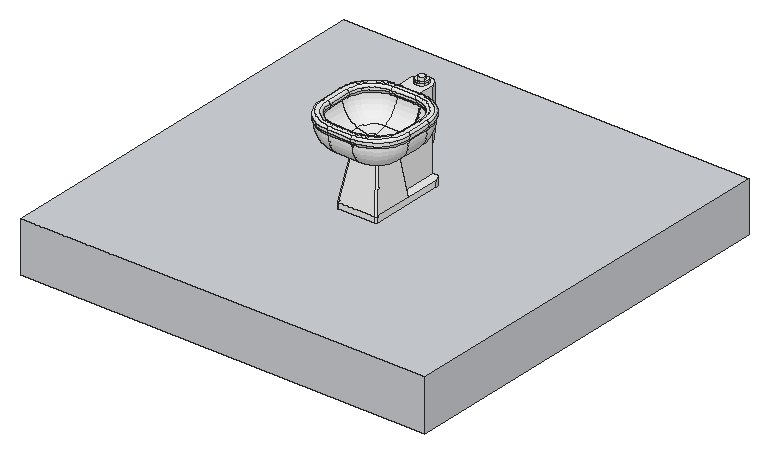
Revit family
Parameters (values of type "Vitreous China-0-White")
  Width = 1' - 9"
  Waste Connection = yes
  WFU = 0
  URL = "http://www.us.kohler.com"
  Spud = Chrome-Kohler-CP-Polished Chrome
  Sanitary Radius = 1 1/2"
  Sanitary Diameter = Sanitary Radius * 2  # 3"
  Sanitary Connector = "Sanitary Connection"  # constant formula
  Rough-In = 1' - 0"
  Product Page URL = "http://www.us.kohler.com/onlinecatalog/detail.jsp?prod_num=6676"
  Product Documentation Link = "http://www.us.kohler.com/onlinecatalog/pdf/105143_4.pdf"
  Model = "K-6676"  # constant formula
  Manufacturer = "Kohler"  # constant formula
  Length = 2' - 2 5/8"
  Height = 1' - 8"
  Finish = Vitreous China-Kohler-0-White
  Description = "Tyrell 21X20 Service Sink\r\n"  # constant formula
  Default Elevation = 0' - 0"
  Created By = "http://www.medialab3dstudio.com"
  Cold Water Radius = 3/4"
  Cold Water Diameter = Cold Water Radius * 2  # 1 1/2"
  Cold Water Connector = "Cold Water Connection"  # constant formula
  CWFU = 0
  CW Connection = yes
  Assembly Code = "D2010400"
Reference planes (in)
  plane 1 "Center (Front/Back)": y = 0
  plane 2 "Bottom": z = 0
  plane 3 "Center (Left/Right)": x = 0
  plane 4 "Left": x = -10.5
  plane 5 "Right": x = 10.5
  plane 6 "Front": y = -13.3125
  plane 7 "Toilet Offset": y = 13.3125
  plane 8 "Back": y = 13.8125
  plane 9 "Top": z = 20
  plane 10: y = -8.24031
  plane 11: x = -4.74185
  plane 12: x = 4.74219
  plane 13: y = 1.8125
  plane 14: z = 0.125
Forms (in)
  Extrusion 1, solid
    sketch origin (0, 0, 0) x (1, 0, 0) y (0, 1, 0)
      loop
        line (-48, 48) -> (-48, -48) -> (48, -48) -> (48, 48) -> (-48, 48)
    from 0 to -12
  Sweep 2, solid, material "Vitreous China-Kohler-0-White" <- "Finish", detail levels fine
    path origin (0, 0, 0) x (1, 0, 0) y (0, 1, 0)
      loop
        arc (-3.80166, -5.61416) -> (-3.50877, -6.32127) -> (-2.80166, -6.61416) r 1
        line (-2.80166, -6.61416) -> (2.80166, -6.61416)
        arc (2.80166, -6.61416) -> (3.50877, -6.32127) -> (3.80166, -5.61416) r 1
        line (3.80166, -5.61416) -> (3.80166, -0.01084)
        arc (3.80166, -0.01084) -> (3.50877, 0.69627) -> (2.80166, 0.98916) r 1
        line (2.80166, 0.98916) -> (-2.80166, 0.98916)
        arc (-2.80166, 0.98916) -> (-3.50877, 0.69627) -> (-3.80166, -0.01084) r 1
        line (-3.80166, -0.01084) -> (-3.80166, -5.61416)
    profile origin (-3.80166, -2.8125, 0) x (-1, 0, 0) y (0, 0, 1)
      loop
        arc (-0.55224, 11.26664) -> (-0.42029, 11.79041) -> (0.01615, 12.10862) r 0.79413
        arc (0.01615, 12.10862) -> (1.3395, 12.39016) -> (2.64012, 12.76285) r 19.48488
        arc (2.64012, 12.76285) -> (5.48302, 14.91185) -> (6.38733, 18.35895) r 5.44359
        line (6.38733, 18.35895) -> (6.26195, 18.35895)
        arc (6.26195, 18.35895) -> (5.38184, 14.9854) -> (2.60154, 12.88175) r 5.31859
        arc (2.60154, 12.88175) -> (1.30611, 12.51066) -> (-0.012, 12.23059) r 19.35988
        arc (-0.012, 12.23059) -> (-0.51837, 11.86843) -> (-0.67779, 11.26664) r 0.91913
        line (-0.67779, 11.26664) -> (-0.55224, 11.26664)
  Extrusion 3, solid, material "Vitreous China-Kohler-0-White" <- "Finish", detail levels fine
    sketch origin (0, 0, 0) x (1, 0, 0) y (0, 1, 0)
      loop
        arc (-2.74219, 11.30887) -> (-4.1564, 10.72309) -> (-4.74219, 9.30887) r 2
        line (-4.74219, 9.30887) -> (-4.74219, -7.74031)
        arc (-4.74219, -7.74031) -> (-4.59574, -8.09387) -> (-4.24219, -8.24031) r 0.5
        line (-4.24219, -8.24031) -> (4.24219, -8.24031)
        arc (4.24219, -8.24031) -> (4.59574, -8.09387) -> (4.74219, -7.74031) r 0.5
        line (4.74219, -7.74031) -> (4.74219, 9.30887)
        arc (4.74219, 9.30887) -> (4.1564, 10.72309) -> (2.74219, 11.30887) r 2
        line (2.74219, 11.30887) -> (-2.74219, 11.30887)
    from 0 to 1.29961
  Blend 4, solid, material "Vitreous China-Kohler-0-White" <- "Finish", detail levels fine
    base sketch origin (0, 0, 0) x (1, 0, 0) y (0, 1, 0)
      loop
        line (-3.24942, -0.01084) -> (-3.24942, -5.61416)
        arc (-3.24942, -5.61416) -> (-3.11827, -5.93077) -> (-2.80166, -6.06192) r 0.44776
        line (-2.80166, -6.06192) -> (2.80166, -6.06192)
        arc (2.80166, -6.06192) -> (3.11827, -5.93077) -> (3.24942, -5.61416) r 0.44776
        line (3.24942, -5.61416) -> (3.24942, -0.01084)
        arc (3.24942, -0.01084) -> (3.11827, 0.30577) -> (2.80166, 0.43692) r 0.44776
        line (2.80166, 0.43692) -> (-2.80166, 0.43692)
        arc (-2.80166, 0.43692) -> (-3.11827, 0.30577) -> (-3.24942, -0.01084) r 0.44776
    top sketch origin (0, 0, 0) x (1, 0, 0) y (0, 1, 0)
      loop
        line (4.74219, 0.98916) -> (-4.74219, 0.98916) -> (-4.74219, -7.74031)
        arc (-4.74219, -7.74031) -> (-4.59574, -8.09387) -> (-4.24219, -8.24031) r 0.5
        line (-4.24219, -8.24031) -> (4.24219, -8.24031)
        arc (4.24219, -8.24031) -> (4.59574, -8.09387) -> (4.74219, -7.74031) r 0.5
        line (4.74219, -7.74031) -> (4.74219, 0.98916)
    from 11.26664 to 1.29961
  Sweep 5, solid, material "Vitreous China-Kohler-0-White" <- "Finish", detail levels fine
    path origin (0, 0, 0) x (1, 0, 0) y (0, 1, 0)
      loop
        line (-10.18349, -0.01084) -> (-10.18349, -5.61416)
        arc (-10.18349, -5.61416) -> (-8.0214, -10.8339) -> (-2.80166, -12.99599) r 7.38183
        line (-2.80166, -12.99599) -> (2.80166, -12.99599)
        arc (2.80166, -12.99599) -> (8.0214, -10.8339) -> (10.18349, -5.61416) r 7.38183
        line (10.18349, -5.61416) -> (10.18349, -0.01084)
        arc (10.18349, -0.01084) -> (8.0214, 5.2089) -> (2.80166, 7.37099) r 7.38183
        line (2.80166, 7.37099) -> (-2.80166, 7.37099)
        arc (-2.80166, 7.37099) -> (-8.0214, 5.2089) -> (-10.18349, -0.01084) r 7.38183
    profile origin (-10.18349, -2.8125, 0) x (1, 0, 0) y (0, 0, 1)
      loop
        arc (-0.31651, 18.75023) -> (-0.22748, 18.49859) -> (0, 18.35895) r 0.40011
        line (0, 18.35895) -> (1.15389, 18.35895)
        arc (1.15389, 18.35895) -> (1.50744, 18.5054) -> (1.65389, 18.85895) r 0.5
        line (1.65389, 18.85895) -> (1.65389, 19.50342)
        arc (1.65389, 19.50342) -> (1.50744, 19.85697) -> (1.15389, 20.00342) r 0.5
        line (1.15389, 20.00342) -> (0.15389, 20.00342)
        arc (0.15389, 20.00342) -> (-0.17874, 19.86564) -> (-0.31651, 19.53301) r 0.4704
        line (-0.31651, 19.53301) -> (-0.31651, 18.75023)
  Extrusion 6, solid, material "Vitreous China-Kohler-0-White" <- "Finish", detail levels fine
    sketch origin (0, 0, 0) x (0, 1, 0) y (0, 0, 1)
      loop
        line (13.3125, 20) -> (7.24741, 20)
        arc (7.24741, 20) -> (7.56099, 19.85156) -> (7.68719, 19.5284) r 0.4698
        line (7.68719, 19.5284) -> (7.68719, 18.74786)
        arc (7.68719, 18.74786) -> (7.60304, 18.49431) -> (7.37253, 18.35928) r 0.37895
        arc (7.37253, 18.35928) -> (6.54209, 15.03488) -> (3.91392, 12.83622) r 5.53545
        arc (3.91392, 12.83622) -> (2.47196, 12.42291) -> (1.00473, 12.11091) r 21.54888
        arc (1.00473, 12.11091) -> (0.57832, 11.7848) -> (0.43589, 11.26724) r 0.84138
        line (0.43589, 11.26724) -> (0.98916, 1.29961) -> (10.87824, 1.29961) -> (10.87824, 6.54096)
        arc (10.87824, 6.54096) -> (11.30586, 7.89722) -> (12.06995, 9.09659) r 5.44749
        arc (12.06995, 9.09659) -> (12.9922, 10.69399) -> (13.3125, 12.51048) r 5.31106
        line (13.3125, 12.51048) -> (13.3125, 20)
    from -2.48986 to 2.5
  Extrusion 7, void
    sketch origin (0, 0, 0) x (1, 0, 0) y (0, 1, 0)
      loop
        arc (-2.48986, 11.30887) -> (0.00507, 13.3125) -> (2.5, 11.30887) r 2.55517
        line (2.5, 11.30887) -> (2.5, 13.8125) -> (-2.48986, 13.8125) -> (-2.48986, 11.30887)
    from 6.65745 to 21.9716
  Extrusion 8, solid, material "Chrome-Kohler-CP-Polished Chrome" <- "Spud", detail levels fine
    sketch origin (0, 0.18426, 0) x (1, 0, 0) y (0, 1, 0)
      loop
        circle (0.00507, 10.87824) r 1.5
    from 20 to 20.32763
  Extrusion 9, solid, material "Chrome-Kohler-CP-Polished Chrome" <- "Spud", detail levels fine
    sketch origin (0, 0.18426, 0) x (1, 0, 0) y (0, 1, 0)
      loop
        circle (0.00507, 10.87824) r 0.75
    from 20.65185 to 21.2456
  Extrusion 10, solid, material "Chrome-Kohler-CP-Polished Chrome" <- "Spud", detail levels fine
    sketch origin (0, 0.18426, 0) x (1, 0, 0) y (0, 1, 0)
      loop
        line (-1.24493, 11.50324) -> (-1.24493, 10.25324) -> (-0.61993, 9.62824) -> (0.63007, 9.62824) -> (1.25507, 10.25324) -> (1.25507, 11.50324) -> (0.63007, 12.12824) -> (-0.61993, 12.12824) -> (-1.24493, 11.50324)
    from 20.32763 to 20.65185
  Extrusion 11, void
    sketch origin (0, 0, 0) x (1, 0, 0) y (0, 1, 0)
      loop
        circle (0, 1.8125) r 1.5
    from 0 to 0.125
  Extrusion 12, solid, material "Vitreous China-Kohler-0-White" <- "Finish", detail levels coarse+medium
    sketch origin (0, 0, 0) x (1, 0, 0) y (0, 1, 0)
      loop
        line (-10.5, 13.3125) -> (-10.5, -13.3125) -> (10.5, -13.3125) -> (10.5, 13.3125) -> (-10.5, 13.3125)
    from 0 to 20
Cuts and joins
  Extrusion 11 cuts Extrusion 3
  joined: Sweep 2, Extrusion 3, Blend 4, Sweep 5
  Extrusion 7 cuts Extrusion 6
Lines and regions (in)
  Masking region 1, detail levels coarse
    outline origin (0, 0, 0) x (1, 0, 0) y (0, 1, 0)
      loop
        line (-10.5, 13.3125) -> (-10.5, -13.3125) -> (10.5, -13.3125) -> (10.5, 13.3125) -> (-10.5, 13.3125)
  Masking region 2, detail levels medium+fine
    outline origin (0, 0, 0) x (1, 0, 0) y (0, 1, 0)
      loop
        arc (-2.74219, 11.30887) -> (-4.1564, 10.72309) -> (-4.74219, 9.30887) r 2
        line (-4.74219, 9.30887) -> (-4.74219, 7.11698)
        spline (-4.74219, 7.11698) -> (-5.50206, 6.86514) -> (-6.23023, 6.53256) -> (-6.91813, 6.12314) -> (-7.5577, 5.64169) -> (-8.14141, 5.09386) -> (-8.66242, 4.48609) -> (-9.11462, 3.82552) -> (-9.49268, 3.11989) -> (-9.79217, 2.37751) -> (-10.00957, 1.60707) -> (-10.14233, 0.81763) -> (-10.1889, 0.01847)
        line (-10.1889, 0.01847) -> (-10.1889, -5.64347)
        spline (-10.1889, -5.64347) -> (-10.12251, -6.6026) -> (-9.93212, -7.54498) -> (-9.62096, -8.45466) -> (-9.1943, -9.31622) -> (-8.65936, -10.11508) -> (-8.02521, -10.83771) -> (-7.30258, -11.47186) -> (-6.50372, -12.0068) -> (-5.64216, -12.43346) -> (-4.73248, -12.74462) -> (-3.7901, -12.93501) -> (-2.83097, -13.0014)
        line (-2.83097, -13.0014) -> (2.83097, -13.0014)
        spline (2.83097, -13.0014) -> (3.7901, -12.93501) -> (4.73248, -12.74462) -> (5.64216, -12.43346) -> (6.50372, -12.0068) -> (7.30258, -11.47186) -> (8.02521, -10.83771) -> (8.65936, -10.11508) -> (9.1943, -9.31622) -> (9.62096, -8.45466) -> (9.93212, -7.54498) -> (10.12251, -6.6026) -> (10.1889, -5.64347)
        line (10.1889, -5.64347) -> (10.1889, 0.01847)
        spline (10.1889, 0.01847) -> (10.14233, 0.81764) -> (10.00957, 1.60707) -> (9.79217, 2.37751) -> (9.49268, 3.11989) -> (9.11461, 3.82552) -> (8.66242, 4.48609) -> (8.14141, 5.09386) -> (7.5577, 5.64169) -> (6.91813, 6.12314) -> (6.23023, 6.53256) -> (5.50206, 6.86514) -> (4.74219, 7.11698)
        line (4.74219, 7.11698) -> (4.74219, 9.30887)
        arc (4.74219, 9.30887) -> (4.1564, 10.72309) -> (2.74219, 11.30887) r 2
        line (2.74219, 11.30887) -> (2.5, 11.30887)
        arc (2.5, 11.30887) -> (0.00507, 13.3125) -> (-2.48986, 11.30887) r 2.55517
        line (-2.48986, 11.30887) -> (-2.74219, 11.30887)
  Masking region 3, detail levels fine
    outline origin (0, 0, 0) x (1, 0, 0) y (0, 1, 0)
      loop
        line (-3.78966, -0.01084) -> (-3.78966, -5.61416)
        arc (-3.78966, -5.61416) -> (-3.50028, -6.31278) -> (-2.80166, -6.60216) r 0.988
        line (-2.80166, -6.60216) -> (2.80166, -6.60216)
        arc (2.80166, -6.60216) -> (3.50028, -6.31278) -> (3.78966, -5.61416) r 0.988
        line (3.78966, -5.61416) -> (3.78966, -0.01084)
        arc (3.78966, -0.01084) -> (3.50028, 0.68778) -> (2.80166, 0.97716) r 0.988
        line (2.80166, 0.97716) -> (-2.80166, 0.97716)
        arc (-2.80166, 0.97716) -> (-3.50028, 0.68778) -> (-3.78966, -0.01084) r 0.988
      loop
        line (-3.12387, -0.01084) -> (-3.12387, -5.61416)
        arc (-3.12387, -5.61416) -> (-3.0295, -5.842) -> (-2.80166, -5.93637) r 0.32221
        line (-2.80166, -5.93637) -> (2.80166, -5.93637)
        arc (2.80166, -5.93637) -> (3.0295, -5.842) -> (3.12387, -5.61416) r 0.32221
        line (3.12387, -5.61416) -> (3.12387, -0.01084)
        arc (3.12387, -0.01084) -> (3.0295, 0.217) -> (2.80166, 0.31137) r 0.32221
        line (2.80166, 0.31137) -> (-2.80166, 0.31137)
        arc (-2.80166, 0.31137) -> (-3.0295, 0.217) -> (-3.12387, -0.01084) r 0.32221
  Masking region 4, detail levels fine
    outline origin (0, 0, 0) x (1, 0, 0) y (0, 1, 0)
      loop
        arc (-2.83059, 5.71509) -> (-6.87177, 4.04118) -> (-8.54568, 0) r 5.71509
        line (-8.54568, 0) -> (-8.54568, -6.20775)
        arc (-8.54568, -6.20775) -> (-6.69999, -9.85751) -> (-2.88323, -11.32706) r 5.69127
        line (-2.88323, -11.32706) -> (2.88323, -11.32706)
        arc (2.88323, -11.32706) -> (6.69999, -9.85751) -> (8.54568, -6.20775) r 5.69127
        line (8.54568, -6.20775) -> (8.54568, 0)
        arc (8.54568, 0) -> (6.87177, 4.04118) -> (2.83059, 5.71509) r 5.71509
        line (2.83059, 5.71509) -> (-2.83059, 5.71509)
  Masking region 5, detail levels coarse
    outline origin (0, 0, 0) x (0, 1, 0) y (0, 0, 1)
      loop
        line (13.3125, 20) -> (-13.3125, 20) -> (-13.3125, 0) -> (13.3125, 0) -> (13.3125, 20)
  Masking region 6, detail levels medium+fine
    outline origin (0, 0, 0) x (0, 1, 0) y (0, 0, 1)
      loop
        line (10.87824, 1.29961) -> (10.87824, 6.54096)
        arc (10.87824, 6.54096) -> (11.30586, 7.89722) -> (12.06995, 9.09659) r 5.44749
        arc (12.06995, 9.09659) -> (12.9922, 10.69399) -> (13.3125, 12.51048) r 5.31106
        line (13.3125, 12.51048) -> (13.3125, 20) -> (12.5625, 20) -> (12.5625, 20.32763) -> (12.3125, 20.32763) -> (12.3125, 20.65185) -> (11.8125, 20.65185) -> (11.8125, 21.2456) -> (10.3125, 21.2456) -> (10.3125, 20.65185) -> (9.8125, 20.65185) -> (9.8125, 20.32763) -> (9.5625, 20.32763) -> (9.5625, 20) -> (-12.90562, 20)
        arc (-12.90562, 20) -> (-13.19333, 19.88083) -> (-13.3125, 19.59312) r 0.40688
        line (-13.3125, 19.59312) -> (-13.3125, 18.67125)
        arc (-13.3125, 18.67125) -> (-13.22138, 18.45127) -> (-13.0014, 18.36015) r 0.3111
        arc (-13.0014, 18.36015) -> (-12.23197, 15.11066) -> (-9.70161, 12.93157) r 5.41126
        arc (-9.70161, 12.93157) -> (-8.18527, 12.44805) -> (-6.63031, 12.10862) r 16.97941
        arc (-6.63031, 12.10862) -> (-6.16589, 11.80929) -> (-6.06192, 11.26664) r 0.70198
        line (-6.06192, 11.26664) -> (-8.24031, 1.29961) -> (-8.24031, 0) -> (11.30887, 0) -> (11.30887, 1.29961) -> (10.87824, 1.29961)
  Masking region 7, detail levels coarse
    outline origin (0, 0, 0) x (1, 0, 0) y (0, 0, 1)
      loop
        line (-10.5, 20) -> (-10.5, 0) -> (10.5, 0) -> (10.5, 20) -> (-10.5, 20)
  Masking region 8, detail levels medium+fine
    outline origin (0, 0, 0) x (1, 0, 0) y (0, 0, 1)
      loop
        line (0.74493, 21.2456) -> (-0.74493, 21.2456) -> (-0.74493, 20.65185) -> (-1.24493, 20.65185) -> (-1.24493, 20.32763) -> (-1.49493, 20.32763) -> (-1.49493, 20) -> (-10.08062, 20)
        arc (-10.08062, 20) -> (-10.37717, 19.87717) -> (-10.5, 19.58062) r 0.41938
        line (-10.5, 19.58062) -> (-10.5, 18.70773)
        arc (-10.5, 18.70773) -> (-10.41094, 18.47407) -> (-10.18896, 18.35895) r 0.35107
        arc (-10.18896, 18.35895) -> (-9.28421, 14.89823) -> (-6.41441, 12.76295) r 5.39817
        arc (-6.41441, 12.76295) -> (-5.12513, 12.39999) -> (-3.81781, 12.10862) r 24.29945
        arc (-3.81781, 12.10862) -> (-3.35926, 11.80533) -> (-3.24942, 11.26664) r 0.71842
        line (-3.24942, 11.26664) -> (-4.74219, 1.29961) -> (-4.74219, 0) -> (4.74219, 0) -> (4.74219, 1.29961) -> (3.24942, 11.26664)
        arc (3.24942, 11.26664) -> (3.35926, 11.80533) -> (3.81781, 12.10862) r 0.71842
        arc (3.81781, 12.10862) -> (5.12513, 12.39999) -> (6.41441, 12.76295) r 24.29945
        arc (6.41441, 12.76295) -> (9.28421, 14.89823) -> (10.18896, 18.35895) r 5.39817
        arc (10.18896, 18.35895) -> (10.41094, 18.47407) -> (10.5, 18.70773) r 0.35107
        line (10.5, 18.70773) -> (10.5, 19.58062)
        arc (10.5, 19.58062) -> (10.37717, 19.87717) -> (10.08062, 20) r 0.41938
        line (10.08062, 20) -> (1.49493, 20) -> (1.49493, 20.32763) -> (1.24493, 20.32763) -> (1.24493, 20.65185) -> (0.74493, 20.65185) -> (0.74493, 21.2456)
  Masking region 9, detail levels fine
    outline origin (0, 0, 0) x (1, 0, 0) y (0, 1, 0)
      loop
        circle (0.00507, 11.0625) r 0.75
      loop
        line (-0.61993, 12.3125) -> (-1.24493, 11.6875) -> (-1.24493, 10.4375) -> (-0.61993, 9.8125) -> (0.63007, 9.8125) -> (1.25507, 10.4375) -> (1.25507, 11.6875) -> (0.63007, 12.3125) -> (-0.61993, 12.3125)
      loop
        circle (0.00507, 11.0625) r 1.5
  symbolic lines, style "Masking Lines", detail levels fine
    curve 1: line (-2.48986, 7.37253, 0) -> (-2.48986, 11.30887, 0)
    curve 2: line (2.5, 11.30887, 0) -> (2.5, 7.37253, 0)
    curve 3: line (3.04231, 7.37253, 0) -> (-3.04231, 7.37253, 0)
    curve 4: spline (-4.74219, 7.11698, 0) -> (-4.6033, 7.15335, 0) -> (-4.46373, 7.18701, 0) -> (-4.32353, 7.21796, 0) -> (-4.18276, 7.24617, 0) -> (-4.04147, 7.27165, 0) -> (-3.89971, 7.29437, 0) -> (-3.75753, 7.31433, 0) -> (-3.61499, 7.33153, 0) -> (-3.47215, 7.34595, 0) -> (-3.32905, 7.35759, 0) -> (-3.18575, 7.36646, 0) -> (-3.04231, 7.37253, 0)
    curve 5: spline (3.04231, 7.37253, 0) -> (3.18575, 7.36646, 0) -> (3.32905, 7.35759, 0) -> (3.47215, 7.34595, 0) -> (3.61499, 7.33153, 0) -> (3.75753, 7.31433, 0) -> (3.89971, 7.29437, 0) -> (4.04147, 7.27165, 0) -> (4.18276, 7.24617, 0) -> (4.32353, 7.21796, 0) -> (4.46373, 7.18701, 0) -> (4.6033, 7.15335, 0) -> (4.74219, 7.11698, 0)
    curve 6: line (0, 10.87824, 1.29961) -> (0, -8.24031, 1.29961)
    curve 7: line (0, 0.98916, 1.29961) -> (0, 0.43692, 11.26664)
    curve 8: arc (0, 0.43692, 11.26664) -> (0, 0.58411, 11.79007) -> (0, 1.02098, 12.11378) r 0.84026
    curve 9: arc (0, 3.91392, 12.83622) -> (0, 2.47996, 12.4249) -> (0, 1.02098, 12.11378) r 21.54888
    curve 10: arc (0, 7.37253, 18.35928) -> (0, 6.54209, 15.03488) -> (0, 3.91392, 12.83622) r 5.53545
    curve 11: arc (0, 7.68719, 18.74786) -> (0, 7.60304, 18.49431) -> (0, 7.37253, 18.35928) r 0.37895
    curve 12: line (0, 7.68719, 19.5284) -> (0, 7.68719, 18.74786)
    curve 13: arc (0, 7.24741, 20) -> (0, 7.56099, 19.85156) -> (0, 7.68719, 19.5284) r 0.4698
    curve 14: line (0, 12.5625, 20) -> (0, 9.5625, 20)
    curve 15: line (0, 12.3125, 20.32763) -> (0, 9.8125, 20.32763)
    curve 16: line (0, 11.8125, 20.65185) -> (0, 10.3125, 20.65185)
    curve 17: line (0, 11.6875, 20.65185) -> (0, 11.6875, 20.32763)
    curve 18: line (0, 10.4375, 20.65185) -> (0, 10.4375, 20.32763)
    curve 19: line (0, -13.0014, 18.36015) -> (0, 7.37253, 18.35928)
    curve 20: line (-10.18896, -13.3125, 18.35895) -> (10.18349, -13.3125, 18.35895)
    curve 21: line (-1.49493, 0, 20) -> (1.50507, 0, 20)
    curve 22: line (-1.24493, 0, 20.32763) -> (1.24493, 0, 20.32763)
    curve 23: line (-0.74493, 0, 20.65185) -> (0.75507, 0, 20.65185)
    curve 24: line (-0.61993, 0, 20.65185) -> (-0.61993, 0, 20.32763)
    curve 25: line (0.63007, 0, 20.65185) -> (0.63007, 0, 20.32763)
    curve 26: line (-3.81781, -13.3125, 12.10862) -> (3.81781, -13.3125, 12.10862)
    curve 27: line (-4.74219, 0, 1.29961) -> (4.74219, 0, 1.29961)
    curve 28: line (-2.48986, 13.8125, 1.29961) -> (-2.48986, 13.8125, 20)
    curve 29: line (2.5, 13.8125, 1.29961) -> (2.5, 13.8125, 20)
    curve 30: line (-10.18896, 13.8125, 18.35895) -> (-2.48986, 13.8125, 18.35895)
    curve 31: line (-3.81781, 13.8125, 12.10862) -> (-2.48986, 13.8125, 12.10862)
    curve 32: line (2.5, 13.8125, 18.35928) -> (10.18543, 13.8125, 18.35928)
    curve 33: line (0, 1.02098, 12.11378) -> (0, -6.65937, 12.11378)
    curve 34: line (-2.5, 13.8125, 18.35928) -> (-10.18543, 13.8125, 18.35928)
    curve 35: line (3.81781, 13.8125, 12.10862) -> (2.48986, 13.8125, 12.10862)
Dimensions and locks (in)
  equal spacing: plane 6 "Front", plane 1 "Center (Front/Back)", plane 7 "Toilet Offset"
  "Length": plane 6 "Front" to plane 7 "Toilet Offset"
  locked: plane 7 "Toilet Offset" to plane 8 "Back" at 0.5
  equal spacing: plane 4 "Left", plane 3 "Center (Left/Right)", plane 5 "Right"
  "Width": plane 4 "Left" to plane 5 "Right"
  "Height": plane 9 "Top" to plane 2 "Bottom"
  "Rough-In": plane 13 to plane 8 "Back"
  locked: plane 2 "Bottom" to plane 14 at 0.125
  "Cold Water Radius": radius of Extrusion 9 sketch curve
  "Sanitary Radius": radius of Extrusion 11 sketch curve
  aligned and locked: plane 2 "Bottom" to Extrusion 1
  aligned and locked: level to Extrusion 1
  aligned and locked: cut or joined group of Sweep 2, Extrusion 3, Blend 4, Sweep 5, Extrusion 11 to Sweep 2
  aligned: Sweep 5 to cut or joined group of Sweep 2, Extrusion 3, Blend 4, Sweep 5, Extrusion 11
  aligned and locked: Extrusion 11 to plane 14
Automatic sketch dimensions
  Extrusion 1 sketch curve to Extrusion 1 sketch curve = 8' - 0"  (x2)
  plane 10 to Extrusion 3 sketch curve = 0' - 0"
  Extrusion 3 sketch curve to plane 12 = 0' - 0"
  plane 11 to Extrusion 3 sketch curve = 0' - 0.49966"
  Extrusion 3 sketch curve to plane 12 = 0' - 0 1/2"
  Extrusion 3 sketch curve to plane 11 = 0' - 0.00034"
  plane 11 to Extrusion 3 sketch curve = 0' - 1.99966"
  Extrusion 3 sketch curve to Extrusion 3 sketch curve = 0' - 2"
  plane 10 to Blend 4 sketch curve = 0' - 0"
  Blend 4 sketch curve to plane 12 = 0' - 0"
  Blend 4 sketch curve to plane 12 = 0' - 0 1/2"
  plane 11 to Blend 4 sketch curve = 0' - 0.49966"
  Blend 4 sketch curve to plane 11 = 0' - 0.00034"
  Blend 4 sketch curve to plane 1 "Center (Front/Back)" = 0' - 0.98916"
  plane 11 to Sweep 2 sketch curve = 0' - 0.94019"
  Sweep 2 sketch curve to Sweep 2 sketch curve = 0' - 1"  (x2)
  plane 1 "Center (Front/Back)" to Sweep 2 sketch curve = 0' - 0.01084"
  Sweep 2 sketch curve to plane 12 = 0' - 1.94053"  (x2)
  Sweep 2 sketch curve to plane 12 = 0' - 0.94053"
  Sweep 2 sketch curve to plane 10 = 0' - 2.62615"
  plane 11 to Blend 4 sketch curve = 0' - 1.49243"
  Blend 4 sketch curve to plane 1 "Center (Front/Back)" = 0' - 0.43692"
  Blend 4 sketch curve to Blend 4 sketch curve = 0' - 0.44776"  (x3)
  Blend 4 sketch curve to plane 12 = 0' - 1.94053"
  plane 1 "Center (Front/Back)" to Blend 4 sketch curve = 0' - 0.01084"
  Blend 4 sketch curve to plane 10 = 0' - 2.62615"
  plane 4 "Left" to Sweep 5 sketch curve = 0' - 0.31651"
  plane 11 to Sweep 5 sketch curve = 0' - 1.94019"  (x2)
  Sweep 5 sketch curve to plane 10 = 0' - 2.62615"
  plane 1 "Center (Front/Back)" to Sweep 5 sketch curve = 0' - 0.01084"  (x2)
  Sweep 5 sketch curve to plane 12 = 0' - 1.94053"  (x2)
  plane 8 "Back" to Extrusion 7 sketch curve = 0' - 0"
  plane 11 to Extrusion 7 sketch curve = 0' - 2.25199"
  plane 3 "Center (Left/Right)" to Extrusion 7 sketch curve = 0' - 0.00507"
  plane 3 "Center (Left/Right)" to Extrusion 8 sketch curve = 0' - 0.00507"
  plane 3 "Center (Left/Right)" to Extrusion 9 sketch curve = 0' - 0.00507"
  Extrusion 10 sketch curve to plane 3 "Center (Left/Right)" = 0' - 1.24493"
  Extrusion 10 sketch curve to plane 3 "Center (Left/Right)" = 0' - 0.61993"  (x2)
  plane 3 "Center (Left/Right)" to Extrusion 10 sketch curve = 0' - 0.63007"  (x2)
  Extrusion 10 sketch curve to Extrusion 10 sketch curve = 0' - 0 5/8"  (x4)
  plane 7 "Toilet Offset" to Extrusion 3 sketch curve = 0' - 4.00363"
  plane 7 "Toilet Offset" to Extrusion 7 sketch curve = 0' - 2.00363"
  plane 3 "Center (Left/Right)" to Extrusion 7 sketch curve = 0' - 2 1/2"
  Extrusion 7 sketch curve to Extrusion 7 sketch curve = 0' - 0.55154"
  plane 7 "Toilet Offset" to Extrusion 8 sketch curve = 0' - 2 1/4"
  plane 7 "Toilet Offset" to Extrusion 9 sketch curve = 0' - 2 1/4"
  plane 7 "Toilet Offset" to Extrusion 10 sketch curve = 0' - 3 1/2"
  Extrusion 10 sketch curve to Extrusion 10 sketch curve = 0' - 1 1/4"  (x2)
  Extrusion 11 sketch curve to plane 3 "Center (Left/Right)" = 0' - 0"
  plane 13 to Extrusion 11 sketch curve = 0' - 0"
  Masking region 1 sketch curve to plane 4 "Left" = 0' - 0"
  plane 5 "Right" to Masking region 1 sketch curve = 0' - 0"
  Masking region 1 sketch curve to plane 6 "Front" = 0' - 0"
  plane 8 "Back" to Masking region 1 sketch curve = 0' - 0 1/2"
  plane 6 "Front" to Masking region 2 sketch curve = 0' - 0.3111"
  Masking region 2 sketch curve to plane 12 = 0' - 1.91122"
  Masking region 2 sketch curve to plane 12 = 0' - 1.9407"
  Masking region 2 sketch curve to plane 12 = 0' - 2"
  Masking region 2 sketch curve to Masking region 2 sketch curve = 0' - 0 31/128"
  Masking region 2 sketch curve to Masking region 2 sketch curve = 0' - 0.4088"
  plane 3 "Center (Left/Right)" to Masking region 2 sketch curve = 0' - 0.00507"
  Masking region 2 sketch curve to Masking region 2 sketch curve = 0' - 0.25233"
  plane 11 to Masking region 2 sketch curve = 0' - 1.94037"
  plane 1 "Center (Front/Back)" to Masking region 2 sketch curve = 0' - 0.01101"  (x2)
  plane 11 to Masking region 2 sketch curve = 0' - 1.94036"
  plane 11 to Masking region 2 sketch curve = 0' - 1.91088"
  Masking region 2 sketch curve to plane 11 = 0' - 0.00034"
  plane 4 "Left" to Masking region 2 sketch curve = 0' - 2.47477"
  Masking region 2 sketch curve to plane 1 "Center (Front/Back)" = 0' - 0.01847"  (x2)
  plane 4 "Left" to Masking region 2 sketch curve = 0' - 0.3111"
  plane 1 "Center (Front/Back)" to Masking region 2 sketch curve = 0' - 0.39033"
  Masking region 2 sketch curve to plane 5 "Right" = 0' - 0.3111"
  Masking region 2 sketch curve to Masking region 2 sketch curve = 0' - 2.16359"  (x2)
  plane 7 "Toilet Offset" to Masking region 2 sketch curve = 0' - 2.55517"
  plane 11 to Masking region 2 sketch curve = 0' - 1.99966"
  plane 11 to Masking region 2 sketch curve = 0' - 2.31968"
  plane 3 "Center (Left/Right)" to Masking region 2 sketch curve = 0' - 2.80149"
  Masking region 2 sketch curve to Masking region 2 sketch curve = 0' - 2.19189"
  Masking region 2 sketch curve to plane 12 = 0' - 0"
  plane 11 to Masking region 3 sketch curve = 0' - 0.9522"
  Masking region 3 sketch curve to Masking region 3 sketch curve = 0' - 0.988"  (x2)
  Masking region 3 sketch curve to plane 10 = 0' - 1.63816"
  plane 1 "Center (Front/Back)" to Masking region 3 sketch curve = 0' - 0.01084"  (x2)
  Masking region 3 sketch curve to plane 12 = 0' - 1.94053"
  Masking region 3 sketch curve to plane 12 = 0' - 0.95253"
  Masking region 3 sketch curve to Masking region 3 sketch curve = 0' - 0"  (x7)
  Masking region 3 sketch curve to Masking region 3 sketch curve = 0' - 0.32221"
  curve 5 to plane 12 = 0' - 0"
  curve 3 to plane 12 = 0' - 1.69988"
  plane 1 "Center (Front/Back)" to curve 5 = 0' - 0.01101"
  curve 5 to plane 12 = 0' - 1.9407"
  curve 2 to curve 3 = 0' - 0.54231"
  plane 11 to curve 5 = 0' - 2.31968"
  plane 11 to curve 1 = 0' - 2.25199"
  plane 1 "Center (Front/Back)" to curve 4 = 0' - 0.01101"
  plane 11 to curve 4 = 0' - 1.94036"
  curve 3 to curve 1 = 0' - 0.55245"
  curve 4 to plane 11 = 0' - 0.00034"
  plane 4 "Left" to curve 4 = 0' - 2.47477"
  curve 5 to plane 1 "Center (Front/Back)" = 0' - 7.11698"
  plane 7 "Toilet Offset" to curve 1 = 0' - 2.00363"
  plane 7 "Toilet Offset" to curve 2 = 0' - 2.00363"
  plane 1 "Center (Front/Back)" to Masking region 4 sketch curve = 0' - 0"  (x2)
  plane 11 to Masking region 4 sketch curve = 0' - 1.85862"
  plane 11 to Masking region 4 sketch curve = 0' - 1.91126"
  Masking region 4 sketch curve to plane 12 = 0' - 1.9116"
  Masking region 4 sketch curve to plane 12 = 0' - 1.85896"
  Masking region 4 sketch curve to plane 5 "Right" = 0' - 1.95432"
  Masking region 4 sketch curve to plane 10 = 0' - 2.60452"
  plane 1 "Center (Front/Back)" to Masking region 4 sketch curve = 0' - 5.63579"
  Masking region 4 sketch curve to plane 10 = 0' - 2.03256"
  curve 20 to plane 5 "Right" = 0' - 0.31651"
  curve 26 to plane 12 = 0' - 0.92438"
  plane 11 to curve 26 = 0' - 0.92404"
  plane 4 "Left" to curve 20 = 0' - 0.31104"
  plane 9 "Top" to curve 26 = 0' - 7.89138"
  plane 9 "Top" to curve 20 = 0' - 1.64105"  (x2)
  Masking region 9 sketch curve to plane 3 "Center (Left/Right)" = 0' - 0.74493"
  plane 3 "Center (Left/Right)" to Masking region 9 sketch curve = 0' - 0.00507"
  plane 7 "Toilet Offset" to Masking region 9 sketch curve = 0' - 2 1/4"
  Masking region 9 sketch curve to Masking region 9 sketch curve = 0' - 0 1/2"  (x2)
  Masking region 9 sketch curve to plane 3 "Center (Left/Right)" = 0' - 0.61993"  (x2)
  plane 3 "Center (Left/Right)" to Masking region 9 sketch curve = 0' - 0.63007"  (x2)
  Masking region 9 sketch curve to Masking region 9 sketch curve = 0' - 0 5/8"  (x5)
  plane 7 "Toilet Offset" to Masking region 9 sketch curve = 0' - 1"
  Masking region 9 sketch curve to Masking region 9 sketch curve = 0' - 0"  (x2)
  Masking region 9 sketch curve to Masking region 9 sketch curve = 0' - 0 1/4"
  curve 6 to plane 10 = 0' - 0"
  plane 9 "Top" to curve 13 = 0' - 0"
  plane 9 "Top" to curve 14 = 0' - 0"
  plane 6 "Front" to curve 19 = 0' - 0.3111"
  curve 33 to plane 10 = 0' - 1.58094"
  plane 1 "Center (Front/Back)" to curve 9 = 0' - 2.74102"
  curve 8 to plane 1 "Center (Front/Back)" = 0' - 0.43692"
  plane 13 to curve 7 = 0' - 0.82334"
  plane 13 to curve 33 = 0' - 0.79152"
  plane 13 to curve 8 = 0' - 0.53661"
  curve 10 to plane 13 = 0' - 0.03809"
  curve 9 to plane 13 = 0' - 2.10142"
  plane 9 "Top" to curve 13 = 0' - 0.46884"
  curve 13 to plane 13 = 0' - 5.4049"
  curve 13 to curve 13 = 0' - 0.03001"
  curve 13 to curve 11 = 0' - 0.09113"
  curve 11 to curve 10 = 0' - 0.06399"
  curve 13 to curve 13 = 0' - 0.46979"
  curve 13 to curve 14 = 0' - 1.87531"
  curve 14 to curve 15 = 0' - 0 1/4"
  curve 15 to curve 16 = 0' - 0 1/2"
  curve 16 to curve 18 = 0' - 0 1/8"
  curve 6 to plane 14 = 0' - 1.17461"
  plane 7 "Toilet Offset" to curve 6 = 0' - 2.43426"
  curve 18 to curve 17 = 0' - 1 1/4"
  curve 17 to curve 16 = 0' - 0 1/8"
  curve 16 to curve 15 = 0' - 0 1/2"
  curve 15 to curve 14 = 0' - 0 1/4"
  plane 9 "Top" to curve 8 = 0' - 8.73336"
  curve 7 to curve 8 = 0' - 0.04648"
  curve 33 to curve 9 = 0' - 0.72244"
  curve 10 to curve 10 = 0' - 5.13653"
  plane 9 "Top" to curve 19 = 0' - 1.63985"
  curve 10 to curve 11 = 0' - 0.37351"
  curve 15 to plane 9 "Top" = 0' - 0.32763"
  curve 18 to curve 16 = 0' - 0 83/256"
  curve 21 to plane 9 "Top" = 0' - 0"
  curve 27 to plane 12 = 0' - 0"
  plane 3 "Center (Left/Right)" to curve 21 = 0' - 1.50507"
  curve 22 to curve 21 = 0' - 0.26014"
  curve 23 to curve 22 = 0' - 0.48986"
  curve 25 to curve 23 = 0' - 0 1/8"
  curve 24 to plane 3 "Center (Left/Right)" = 0' - 0.61993"
  curve 23 to curve 24 = 0' - 0 1/8"
  curve 22 to curve 23 = 0' - 0 1/2"
  curve 21 to curve 22 = 0' - 0 1/4"
  curve 27 to plane 11 = 0' - 0.00034"
  curve 27 to plane 14 = 0' - 1.17461"
  curve 25 to plane 9 "Top" = 0' - 0.32763"
  curve 25 to curve 25 = 0' - 0 83/256"
  Sweep 2 sketch curve to Sweep 2 sketch curve = 0' - 0"  (x8)
  profile plane to Sweep 2 sketch curve = 0' - 3.37432"
  profile plane to Sweep 2 sketch curve = 0' - 0.67779"
  Sweep 2 sketch curve to Sweep 2 sketch curve = 0' - 0.12554"
  profile plane to Sweep 2 sketch curve = 0' - 0.012"
  Sweep 2 sketch curve to profile plane = 0' - 0.01615"
  Sweep 2 sketch curve to profile plane = 0' - 0.2379"
  Sweep 2 sketch curve to profile plane = 0' - 0.95984"
  Sweep 2 sketch curve to profile plane = 0' - 2.60154"
  Sweep 2 sketch curve to Sweep 2 sketch curve = 0' - 0.03858"
  Sweep 2 sketch curve to Sweep 2 sketch curve = 0' - 5.30211"
  Sweep 2 sketch curve to Sweep 2 sketch curve = 0' - 0.12538"
  level to Sweep 2 sketch curve = 0' - 11.26664"
  profile plane to Sweep 5 sketch curve = 0' - 0"
  profile plane to Sweep 5 sketch curve = 0' - 0.31651"
  Sweep 5 sketch curve to profile plane = 0' - 0.08359"
  Sweep 5 sketch curve to profile plane = 0' - 0.15389"
  Sweep 5 sketch curve to Sweep 5 sketch curve = 0' - 1"
  Sweep 5 sketch curve to Sweep 5 sketch curve = 0' - 1 9/128"
  Sweep 5 sketch curve to Sweep 5 sketch curve = 0' - 0 1/2"
  level to Sweep 5 sketch curve = 1' - 6.35895"
  Sweep 5 sketch curve to Sweep 5 sketch curve = 0' - 0.64446"
  plane 9 "Top" to Extrusion 6 sketch curve = 0' - 0"
  Extrusion 6 sketch curve to plane 7 "Toilet Offset" = 0' - 0"
  plane 7 "Toilet Offset" to Extrusion 6 sketch curve = 0' - 1.24255"
  Extrusion 6 sketch curve to Extrusion 6 sketch curve = 0' - 0"
  plane 7 "Toilet Offset" to Extrusion 6 sketch curve = 0' - 2.43426"
  Extrusion 6 sketch curve to Extrusion 6 sketch curve = 0' - 5.31106"
  plane 9 "Top" to Extrusion 6 sketch curve = 0' - 0.4716"
  plane 7 "Toilet Offset" to Extrusion 6 sketch curve = 0' - 5.62531"
  Extrusion 6 sketch curve to Extrusion 6 sketch curve = 0' - 0.31466"
  Extrusion 6 sketch curve to Extrusion 6 sketch curve = 0' - 0.37865"
  Extrusion 6 sketch curve to Extrusion 6 sketch curve = 0' - 0.43978"
  plane 9 "Top" to Extrusion 6 sketch curve = 0' - 0.46884"
  Extrusion 6 sketch curve to plane 13 = 0' - 2.10142"
  Extrusion 6 sketch curve to plane 13 = 0' - 0.03809"
  plane 13 to Extrusion 6 sketch curve = 0' - 0.53655"
  plane 13 to Extrusion 6 sketch curve = 0' - 0.80777"
  plane 13 to Extrusion 6 sketch curve = 0' - 0.82334"
  Extrusion 6 sketch curve to plane 1 "Center (Front/Back)" = 0' - 0.43589"
  plane 1 "Center (Front/Back)" to Extrusion 6 sketch curve = 0' - 2.74102"
  Extrusion 6 sketch curve to plane 8 "Back" = 0' - 2.43046"
  Extrusion 6 sketch curve to Extrusion 6 sketch curve = 0' - 0.78054"
  Extrusion 6 sketch curve to Extrusion 6 sketch curve = 0' - 0.01506"
  plane 9 "Top" to Extrusion 6 sketch curve = 0' - 2.02725"
  Extrusion 6 sketch curve to Extrusion 6 sketch curve = 0' - 7.48952"
  Extrusion 6 sketch curve to Extrusion 6 sketch curve = 0' - 0.72532"
  Extrusion 6 sketch curve to Extrusion 6 sketch curve = 0' - 0.79647"
  Extrusion 6 sketch curve to plane 14 = 0' - 1.17461"
  Masking region 5 sketch curve to plane 6 "Front" = 0' - 0"
  Masking region 5 sketch curve to level = 0' - 0"
  Masking region 5 sketch curve to plane 7 "Toilet Offset" = 0' - 0"
  plane 9 "Top" to Masking region 5 sketch curve = 0' - 0"
  Masking region 6 sketch curve to plane 6 "Front" = 0' - 0"
  plane 9 "Top" to Masking region 6 sketch curve = 0' - 0"  (x2)
  Masking region 6 sketch curve to plane 10 = 0' - 0"
  Masking region 6 sketch curve to level = 0' - 0"
  Masking region 6 sketch curve to plane 7 "Toilet Offset" = 0' - 0"
  plane 6 "Front" to Masking region 6 sketch curve = 0' - 0.3111"
  plane 6 "Front" to Masking region 6 sketch curve = 0' - 0.40688"
  plane 10 to Masking region 6 sketch curve = 0' - 1.46129"
  Masking region 6 sketch curve to plane 10 = 0' - 0.63236"
  Masking region 6 sketch curve to plane 10 = 0' - 1.4926"
  Masking region 6 sketch curve to Masking region 6 sketch curve = 0' - 0.1174"
  Masking region 6 sketch curve to Masking region 6 sketch curve = 0' - 0"  (x2)
  Masking region 6 sketch curve to Masking region 6 sketch curve = 0' - 0.6858"
  plane 1 "Center (Front/Back)" to Masking region 6 sketch curve = 0' - 3.79067"
  Masking region 6 sketch curve to Masking region 6 sketch curve = 0' - 5.31106"
  Masking region 6 sketch curve to plane 9 "Top" = 0' - 0.32763"  (x2)
  plane 7 "Toilet Offset" to Masking region 6 sketch curve = 0' - 3 3/4"
  Masking region 6 sketch curve to Masking region 6 sketch curve = 0' - 0 1/4"  (x2)
  Masking region 6 sketch curve to Masking region 6 sketch curve = 0' - 0 1/2"  (x2)
  plane 7 "Toilet Offset" to Masking region 6 sketch curve = 0' - 2.43426"
  Masking region 6 sketch curve to Masking region 6 sketch curve = 0' - 0.43064"
  Masking region 6 sketch curve to plane 9 "Top" = 0' - 0.65185"
  Masking region 6 sketch curve to Masking region 6 sketch curve = 0' - 1 1/2"
  plane 7 "Toilet Offset" to Masking region 6 sketch curve = 0' - 1.24255"
  Masking region 6 sketch curve to plane 8 "Back" = 0' - 2.43046"
  Masking region 6 sketch curve to plane 14 = 0' - 1.17461"  (x2)
  Masking region 6 sketch curve to plane 14 = 0' - 5.47001"
  plane 9 "Top" to Masking region 6 sketch curve = 0' - 8.73336"
  Masking region 6 sketch curve to Masking region 6 sketch curve = 0' - 0.14989"
  Masking region 6 sketch curve to Masking region 6 sketch curve = 0' - 4.98982"
  Masking region 6 sketch curve to Masking region 6 sketch curve = 0' - 0 83/256"
  Masking region 6 sketch curve to Masking region 6 sketch curve = 0' - 0 19/32"
  Masking region 7 sketch curve to level = 0' - 0"
  Masking region 7 sketch curve to plane 4 "Left" = 0' - 0"
  Masking region 7 sketch curve to plane 5 "Right" = 0' - 0"
  Masking region 7 sketch curve to plane 9 "Top" = 0' - 0"
  Masking region 8 sketch curve to plane 4 "Left" = 0' - 0"
  Masking region 8 sketch curve to plane 9 "Top" = 0' - 0"  (x2)
  Masking region 8 sketch curve to level = 0' - 0"
  Masking region 8 sketch curve to plane 12 = 0' - 0"
  Masking region 8 sketch curve to plane 5 "Right" = 0' - 0"
  plane 4 "Left" to Masking region 8 sketch curve = 0' - 0.31104"
  plane 4 "Left" to Masking region 8 sketch curve = 0' - 0.35107"
  plane 4 "Left" to Masking region 8 sketch curve = 0' - 0.41938"
  Masking region 8 sketch curve to plane 11 = 0' - 1.67256"
  Masking region 8 sketch curve to Masking region 8 sketch curve = 0' - 0"  (x5)
  Masking region 8 sketch curve to plane 11 = 0' - 0.06707"
  Masking region 8 sketch curve to plane 11 = 0' - 0.00034"
  plane 11 to Masking region 8 sketch curve = 0' - 0.78714"
  Masking region 8 sketch curve to Masking region 8 sketch curve = 0' - 0.1369"  (x2)
  Masking region 8 sketch curve to Masking region 8 sketch curve = 0' - 0.70529"
  Masking region 8 sketch curve to plane 3 "Center (Left/Right)" = 0' - 1.49493"
  Masking region 8 sketch curve to Masking region 8 sketch curve = 0' - 0 1/4"  (x2)
  Masking region 8 sketch curve to plane 3 "Center (Left/Right)" = 0' - 0.81254"
  Masking region 8 sketch curve to plane 3 "Center (Left/Right)" = 0' - 0.74493"
  plane 3 "Center (Left/Right)" to Masking region 8 sketch curve = 0' - 0.74493"
  plane 3 "Center (Left/Right)" to Masking region 8 sketch curve = 0' - 0.81254"
  Masking region 8 sketch curve to Masking region 8 sketch curve = 0' - 0 1/2"
  Masking region 8 sketch curve to plane 12 = 0' - 1.49277"
  Masking region 8 sketch curve to plane 12 = 0' - 0.92438"
  plane 12 to Masking region 8 sketch curve = 0' - 0.06674"
  plane 12 to Masking region 8 sketch curve = 0' - 1.67222"
  Masking region 8 sketch curve to plane 5 "Right" = 0' - 0.41938"
  Masking region 8 sketch curve to plane 5 "Right" = 0' - 0.35107"
  Masking region 8 sketch curve to plane 5 "Right" = 0' - 0.31104"
  Masking region 8 sketch curve to plane 14 = 0' - 1.17461"  (x2)
  plane 9 "Top" to Masking region 8 sketch curve = 0' - 8.73336"
  Masking region 8 sketch curve to Masking region 8 sketch curve = 0' - 0 35/256"  (x2)
  Masking region 8 sketch curve to plane 9 "Top" = 0' - 0.32763"  (x2)
  Masking region 8 sketch curve to Masking region 8 sketch curve = 0' - 0 83/256"  (x2)
  Masking region 8 sketch curve to Masking region 8 sketch curve = 0' - 0 19/32"
  curve 28 to plane 9 "Top" = 0' - 0"
  curve 29 to plane 9 "Top" = 0' - 0"
  plane 4 "Left" to curve 30 = 0' - 0.31104"
  curve 30 to curve 34 = 0' - 0.00353"
  plane 11 to curve 31 = 0' - 0.92404"
  plane 11 to curve 34 = 0' - 2.24185"
  curve 34 to curve 30 = 0' - 0.01014"
  curve 35 to plane 12 = 0' - 2.25233"
  curve 29 to plane 12 = 0' - 2 31/128"
  curve 35 to plane 12 = 0' - 0.92438"
  curve 32 to plane 5 "Right" = 0' - 0.31457"
  plane 9 "Top" to curve 32 = 0' - 1.64072"
  plane 9 "Top" to curve 34 = 0' - 1.64072"
  curve 30 to curve 34 = 0' - 0.00033"
  curve 31 to curve 30 = 0' - 6.25033"
  curve 35 to curve 31 = 0' - 0"
  curve 28 to plane 14 = 0' - 1.17461"
  curve 29 to plane 14 = 0' - 1.17461"
  Extrusion 12 sketch curve to plane 4 "Left" = 0' - 0"
  Extrusion 12 sketch curve to plane 5 "Right" = 0' - 0"
  Extrusion 12 sketch curve to plane 6 "Front" = 0' - 0"
  plane 7 "Toilet Offset" to Extrusion 12 sketch curve = 0' - 0"
  radius of Extrusion 8 sketch curve = 0' - 1 1/2"
Connectors (in)
  piping at (0.00507, 11.0625, 21.2456), driven by "Cold Water Radius", driven by "CW Connection", driven by "Cold Water Connector", driven by "CWFU"
    settings: on Extrusion 9, index 1, connector radius 3/4", flow factor 0, pipe flow 0 GPM, pressure drop 0.00 psi, fitting loss kfactor 0, connector angle 0.00°, fixture units 0, flow configuration 3, flow direction 1, fitting loss method 0, system type 20, connector reference index -1, connector utility 1, adjustable connector yes, is connector primary yes, fitting loss table "", connector description "Cold Water Connection"
  piping at (0, 1.8125, 0), driven by "Sanitary Radius", driven by "Waste Connection", driven by "Sanitary Connector", driven by "WFU"
    settings: on cut or joined group of Sweep 2, Extrusion 3, Blend 4, Sweep 5, Extrusion 11, index 2, connector radius 1 1/2", flow factor 0, pipe flow 0 GPM, pressure drop 0.00 psi, fitting loss kfactor 0, connector angle 0.00°, fixture units 0, flow configuration 3, flow direction 2, fitting loss method 0, system type 16, connector reference index -1, connector utility 1, adjustable connector yes, is connector primary no, fitting loss table "", connector description "Sanitary Connection"
